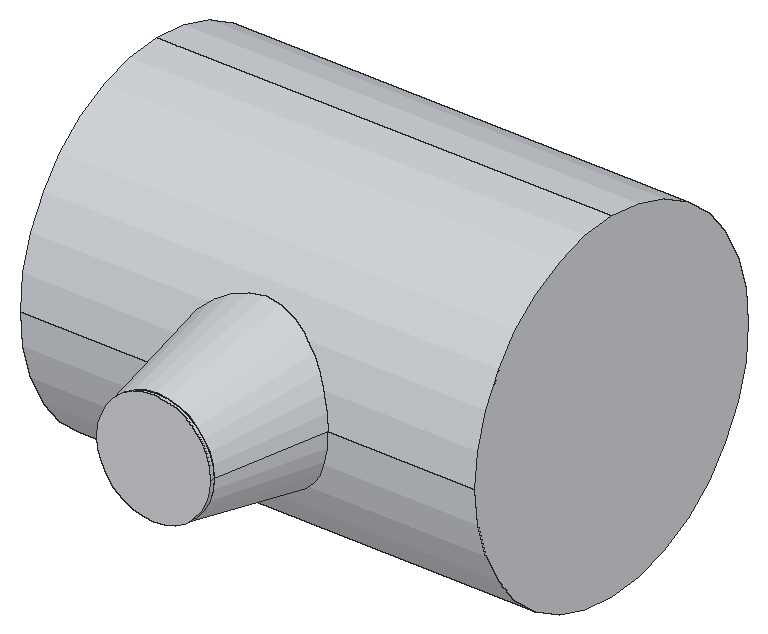
Revit family "M_Round Tee - Conical", category Duct Fittings, Revit 2014
Parameters (values of type "Standard")
  Taper3 [instance] = 50 mm
  Stub [instance] = 3 mm
  R3 Body [instance] = if(Duct Radius 3 + Taper3 > Duct Radius 1, Duct Radius 3, Duct Radius 3 + Taper3)  # 100 mm
  Duct Radius 3 [instance] = 50 mm
  Duct Radius 1 [instance] = 150 mm
  Duct Diameter 3 [instance] = 2 * Duct Radius 3  # 100 mm
  Duct Length [instance] = Duct Radius 1 + Shoulder  # 200 mm
  Duct Diameter 1 [instance] = 2 * Duct Radius 1  # 300 mm
  Shoulder [instance] = 50 mm
  Cone Length [instance] = Duct Radius 1 + Cone Extension  # 250 mm
  Cone Extension [instance] = 100 mm
  Assembly Code = ""
Reference planes
  plane 1 "Center (Front/Back)": y = 0
  plane 2: z = 0
  plane 3 "Center (Left/Right)": x = 0
  plane 4: x = -200
  plane 5: x = 200
  plane 6: y = -250
  plane 7: y = -253
Forms (mm)
  Sweep 1, solid, detail levels medium+fine
    path in 3D
      loop
        line (-200, 0, 0) -> (200, 0, 0)
    profile "M_Duct - Round : Duct - Round 1" origin (0, 0, 0) x (0, 1, 0) y (0, 0, 1)
      loop
        arc (-150, 0) -> (-106.066, -106.066) -> (0, -150) r 150
        arc (0, -150) -> (106.066, -106.066) -> (150, 0) r 150
        arc (150, 0) -> (106.066, 106.066) -> (0, 150) r 150
        arc (0, 150) -> (-106.066, 106.066) -> (-150, 0) r 150
  Blend 2, solid, detail levels medium+fine
    base sketch origin (0, 0, 0) x (1, 0, 0) y (0, 0, 1)
      loop
        circle (0, 0) r 100
    top sketch origin (0, 0, 0) x (1, 0, 0) y (0, 0, 1)
      loop
        circle (0, 0) r 50
    from 0 to 250 <- "Cone Length"
  Sweep 3, solid, detail levels medium+fine
    path in 3D
      loop
        line (0, -250, 0) -> (0, -253, 0)
    profile "M_Duct - Round : Duct - Round 3" origin (0, -251.5, 0) x (1, 0, 0) y (0, 0, 1)
      loop
        arc (-50, 0) -> (-35.355, -35.355) -> (0, -50) r 50
        arc (0, -50) -> (35.355, -35.355) -> (50, 0) r 50
        arc (50, 0) -> (35.355, 35.355) -> (0, 50) r 50
        arc (0, 50) -> (-35.355, 35.355) -> (-50, 0) r 50
Cuts and joins
  joined: Sweep 1, Blend 2
Lines and regions (mm)
  reference lines
    curve 1: line (-200, 0, 0) -> (200, 0, 0)
    curve 2: line (0, -250, 0) -> (0, 0, 0)
    curve 6: line (0, -250, 0) -> (0, -253, 0)
  sketch lines
    curve 3: line (-200, 0, 0) -> (200, 0, 0)
    curve 8: line (0, -250, 0) -> (0, -253, 0)
  model lines, style "DuctFitting", detail levels coarse
    curve 4: line (-200, 0, 0) -> (200, 0, 0)
    curve 5: line (0, -250, 0) -> (0, 0, 0)
    curve 7: line (0, -250, 0) -> (0, -253, 0)
Dimensions and locks
  "Cone Length": plane 6 to plane 1 "Center (Front/Back)"
  "Duct Length": plane 4 to plane 3 "Center (Left/Right)"
  "Duct Length": plane 3 "Center (Left/Right)" to plane 5
  "Stub": plane 6 to plane 7
  "R3 Body": radius of Blend 2 sketch curve
  "Duct Radius 3": radius of Blend 2 sketch curve
  aligned and locked: plane 4 to curve 1
  aligned and locked: plane 5 to curve 1
  aligned and locked: plane 1 "Center (Front/Back)" to curve 1
  aligned and locked: plane 1 "Center (Front/Back)" to curve 2
  aligned and locked: curve 2 to plane 3 "Center (Left/Right)"
  aligned and locked: curve 4 to curve 1
  aligned and locked: curve 5 to curve 2
  aligned and locked: plane 3 "Center (Left/Right)" to Blend 2 sketch curve  (x2)
  aligned and locked: plane 2 to Blend 2 sketch curve  (x2)
  aligned and locked: plane 6 to curve 6
  aligned and locked: plane 7 to curve 6
  aligned and locked: plane 6 to curve 7
  aligned and locked: plane 7 to curve 7
  aligned and locked: Blend 2 to plane 1 "Center (Front/Back)"
  aligned and locked: Blend 2 to plane 6
  aligned and locked: plane 5 to curve 4
  aligned and locked: plane 4 to curve 4
Connectors
  hvac at (-200, 0, 0), driven by "Duct Radius 1"
    settings: on cut or joined group of Sweep 1, Blend 2, index 1, duct flow 0.0 L/s, flow factor 0, pres drop 0.0 Pa, loss coef 0, conn angle 0.00°, conn width 304.8 mm, conn height 304.8 mm, conn diameter 300 mm, duct sys type 28, conn prof type 0, flow config 0, flow direction 0, loss method 0, conn ref index 2, conn util no, is conn primary yes, conn desc ""
  hvac at (200, 0, 0), driven by "Duct Radius 1"
    settings: on cut or joined group of Sweep 1, Blend 2, index 2, duct flow 0.0 L/s, flow factor 0, pres drop 0.0 Pa, loss coef 0, conn angle 0.00°, conn width 304.8 mm, conn height 304.8 mm, conn diameter 300 mm, duct sys type 28, conn prof type 0, flow config 0, flow direction 0, loss method 0, conn ref index 1, conn util no, is conn primary no, conn desc ""
  hvac at (0, -253, 0), driven by "Duct Radius 3"
    settings: on Sweep 3, index 3, duct flow 0.0 L/s, flow factor 0, pres drop 0.0 Pa, loss coef 0, conn angle 0.00°, conn width 304.8 mm, conn height 304.8 mm, conn diameter 100 mm, duct sys type 28, conn prof type 0, flow config 0, flow direction 0, loss method 0, conn ref index -1, conn util no, is conn primary no, conn desc ""
